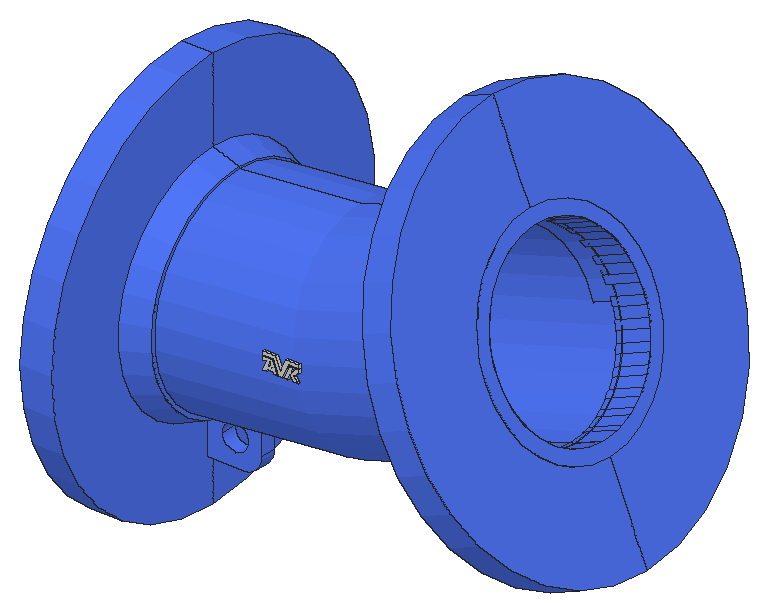
Revit family "712-0220-001-DN100", category Pipe Fittings, Revit 2019
Family settings
  Round Connector Dimension = Use Diameter
  Part Type = Elbow
  Work Plane-Based = No
  Always vertical = Yes
  Cut with Voids When Loaded = No
  Shared = No
Parameters (values of type "DN100_PN10/16")
  L = 110 mm
  ID(Radius) = [Nominal Diameter(DN)] / 2  # 50 mm
  Flange_thickness = 17 mm
  Nominal Diameter(DN) = 100 mm
  FOD = 110 mm
  URL product pages = "https://www.avkvalves.com/P.aspx?no=712004002201"
  Description_ = "AVK FLANGED BEND 22.5° W/LOOSE FLANGES"
  DN100_PN10/16 = yes
  DN 100_PN10/16 = "712-0100-02-201"
  Body_wallthickness = 15 mm + [Nominal Diameter(DN)]  # 115 mm
  A = 22.50°  # constant formula
Reference planes
  plane 1 "Center (Front/Back)": y = 0
  plane 2: z = 0
  plane 3 "Center (Left/Right)": x = 0
  plane 4: x = 110
  plane 5: through (100.752, -1524, 22.328) normal (0.9239, 0, 0.3827)
  plane 6: through (202.378, -1524, 64.423) normal (0.9239, 0, 0.3827)
  plane 7: through (110, -1524, 0) normal (-0.3827, 0, 0.9239)
  plane 8: z = -75
  plane 9: x = 37
  plane 10: z = -85
  plane 11: x = 47
Forms (mm)
  Sweep 1, solid, material "Plastic"
    path origin (0, 0, 0) x (1, 0, 0) y (0, 0, -1)
      loop
        line (0, 0) -> (20.489, 0)
        arc (20.489, 0) -> (108.28, -8.647) -> (192.697, -34.254) r 450
        line (192.697, -34.254) -> (211.627, -42.095)
    profile origin (10.245, 0, 0) x (0, 0, 1) y (0, -1, 0)
      loop
        circle (0, 0) r 50
      loop
        circle (0, 0) r 57.5
  Revolve 2, solid, material "Plastic"
    sketch origin (0, 0, 0) x (1, 0, 0) y (0, 0, -1)
      loop
        line (0, 50) -> (17, 50) -> (17, 110) -> (0, 110) -> (0, 50)
      axis (0, 0) -> (17, 0)
    angle from 0 to 360
  Revolve 3, solid, material "Plastic"
    sketch origin (0, 0, 0) x (1, 0, 0) y (0, 0, -1)
      loop
        line (230.761, 4.099) -> (253.722, 59.532) -> (238.016, 66.037) -> (215.055, 10.604) -> (230.761, 4.099)
      axis (195.921, -35.59) -> (211.627, -42.095)
    angle from 0 to 360
  Revolve 4, solid, material "Plastic"
    sketch origin (0, 0, 0) x (1, 0, 0) y (0, 0, -1)
      loop
        line (17, 50) -> (30.858, 50) -> (30.858, 59.26) -> (17, 65) -> (17, 50)
      axis (17, 0) -> (30.858, 0)
    angle from 0 to 360
  Revolve 5, solid, material "Plastic"
    sketch origin (0, 0, 0) x (1, 0, 0) y (0, 0, -1)
      loop
        line (215.055, 10.604) -> (220.795, 24.463) -> (205.795, 24.463) -> (202.252, 15.908) -> (215.055, 10.604)
      axis (183.117, -30.286) -> (195.921, -35.59)
    angle from 0 to 360
  Extrusion 6, solid, material "Plastic"
    sketch origin (0, 0, 0) x (1, 0, 0) y (0, 0, 1)
      loop
        line (17, -50) -> (17, -85) -> (37, -85)
        arc (37, -85) -> (44.071, -82.071) -> (47, -75) r 10
        line (47, -75) -> (47, -50) -> (17, -50)
      loop
        circle (32.729, -70.427) r 7.246
    from -3.988 to 3.988
Dimensions and locks
  "L": plane 4 to plane 3 "Center (Left/Right)"
  "L": plane 5 to plane 6
  "Flange_thickness": Revolve 2 sketch curve to Revolve 2 sketch curve
  "ID(Radius)": Revolve 3 sketch curve to plane 7
  "FOD": Revolve 3 sketch curve to plane 7
  "Flange_thickness": Sweep 1 to Revolve 3 sketch curve
  locked: Revolve 2 to Revolve 4 sketch curve at 13.858
  locked: Revolve 5 sketch curve to Revolve 3 at 13.858
  locked: Revolve 5 sketch curve to plane 7 at 50
  locked: Revolve 5 sketch curve to plane 7 at 65
  locked: Revolve 5 sketch curve to plane 7 at 59.26
  locked: level to Extrusion 6 sketch curve at 50
  equal spacing: Extrusion 6, plane 1 "Center (Front/Back)", Extrusion 6
  locked: Extrusion 6 to Extrusion 6 at 7.976
  "ID(Radius)": radius of Sweep 1 sketch curve
  "Body_wallthickness": diameter of Sweep 1 sketch curve
  "A": angle plane 4 to plane 5
  aligned and locked: level to plane 2
  aligned and locked: Sweep 1 sketch curve to plane 3 "Center (Left/Right)"
  aligned and locked: plane 6 to Sweep 1 sketch curve
  aligned and locked: Revolve 2 sketch curve to Sweep 1  (x2)
  aligned and locked: plane 7 to Revolve 3 sketch curve
  aligned and locked: Revolve 4 sketch curve to Revolve 2  (x2)
  aligned and locked: Revolve 5 sketch curve to Revolve 3
  aligned and locked: plane 7 to Revolve 5 sketch curve
  aligned and locked: Revolve 2 to Extrusion 6 sketch curve
  aligned and locked: plane 8 to Extrusion 6 sketch curve
  aligned and locked: plane 11 to Extrusion 6 sketch curve
  aligned and locked: plane 10 to Extrusion 6 sketch curve
  aligned and locked: plane 9 to Extrusion 6 sketch curve
Automatic sketch dimensions
  Sweep 1 sketch curve to plane 7 = 0 mm  (x2)
  Sweep 1 sketch curve to plane 3 "Center (Left/Right)" = 20.489 mm
  Sweep 1 sketch curve to Sweep 1 sketch curve = 18.93 mm
  Sweep 1 sketch curve to Sweep 1 sketch curve = 415.746 mm
  Revolve 4 sketch curve to Revolve 4 sketch curve = 9.26 mm
  Revolve 4 sketch curve to Revolve 4 sketch curve = 15 mm
  Revolve 4 sketch curve to plane 3 "Center (Left/Right)" = 35 mm
  Revolve 4 sketch curve to Revolve 4 sketch curve = 50 mm
  Revolve 5 sketch curve to plane 6 = 0 mm
  Revolve 5 sketch curve to Revolve 5 sketch curve = 20.325 mm
  Revolve 4 sketch curve to level = 0 mm
  Extrusion 6 sketch curve to Extrusion 6 sketch curve = 4.271 mm
  Extrusion 6 sketch curve to Extrusion 6 sketch curve = 4.573 mm
  Sweep 1 sketch curve to Sweep 1 sketch curve = 0 mm  (x2)
  Sweep 1 sketch curve to plane 1 "Center (Front/Back)" = 0 mm
  profile plane to Sweep 1 sketch curve = 0 mm
  Revolve 2 sketch curve to level = 0 mm
  level to Revolve 2 sketch curve = 50 mm
  Revolve 2 sketch curve to Revolve 2 sketch curve = 60 mm
  Revolve 2 sketch curve to plane 3 "Center (Left/Right)" = 20 mm
  Revolve 3 sketch curve to plane 6 = 0 mm
  plane 6 to Revolve 3 sketch curve = 0 mm
  Revolve 3 sketch curve to level = 35.59 mm
  radius of Extrusion 6 sketch curve = 7.246 mm
Nested families
  nested 1: "Latest New" at (100.981, -57.5, 7.157) x (1, 0.0003, 0) z (0.0003, -1, -0.0017), type "Latest New"
Connectors
  piping at (0, 0, 0), diameter 100, driven by "Nominal Diameter(DN)"
    settings: on Revolve 2, index 1, connector inside diameter 609.6 mm, connector length 0 mm, flow factor 0, pipe flow 0.0 L/s, pressure drop 0.0 Pa, fitting loss kfactor 0, connector angle 0.00°, fixture units 0, engagement length 0 mm, angle of deflection 0.00°, flow configuration 0, flow direction 0, fitting loss method 0, system type 7, joint type 0, gender type 0, connector reference index -1, connector utility 0, adjustable connector no, is connector primary yes, connector description ""
  piping at (211.627, 0, 42.095), diameter 100, driven by "Nominal Diameter(DN)"
    settings: on Revolve 3, index 2, connector inside diameter 609.6 mm, connector length 0 mm, flow factor 0, pipe flow 0.0 L/s, pressure drop 0.0 Pa, fitting loss kfactor 0, connector angle 0.00°, fixture units 0, engagement length 0 mm, angle of deflection 0.00°, flow configuration 0, flow direction 0, fitting loss method 0, system type 7, joint type 0, gender type 0, connector reference index -1, connector utility 0, adjustable connector no, is connector primary no, connector description ""
Definition of nested family "Latest New"
  Parameters
    Default Elevation = 1219.2 mm
  Reference planes
    plane 1 "Center (Front/Back)": y = 0
    plane 2: z = 0
    plane 3 "Center (Left/Right)": x = 0
  Forms (mm)
    Extrusion 1, solid
      sketch origin (0, 0, 0) x (1, 0, 0) y (0, 1, 0)
        loop
          line (-1219.2, 1219.2) -> (-1219.2, -1219.2) -> (1219.2, -1219.2) -> (1219.2, 1219.2) -> (-1219.2, 1219.2)
      from 0 to -304.8
    Extrusion 2, solid
      sketch origin (0, 0, 0) x (1, 0, 0) y (0, 1, 0)
        loop
          line (-2.683, 9.413) -> (-9.884, 9.413) -> (-9.884, 7.46) -> (-4.022, 7.46) -> (-0.985, 0) -> (0.985, 0) -> (4.022, 7.46) -> (9.884, 7.46) -> (9.884, 9.413) -> (2.683, 9.413) -> (0, 2.824) -> (-2.683, 9.413)
        loop
          line (-4.528, 6.707) -> (-9.884, 6.707) -> (-9.884, 4.824) -> (-8.032, 4.824) -> (-9.884, 0) -> (-7.792, 0) -> (-7.394, 1.035) -> (-4.328, 1.035) -> (-3.907, 0) -> (-1.798, 0) -> (-4.528, 6.707)
        loop
          line (-6.91, 2.824) -> (-5.056, 2.824) -> (-6.01, 5.167) -> (-6.91, 2.824)
        loop
          line (1.798, 0) -> (3.907, 0) -> (4.98, 2.637) -> (6.968, 0) -> (9.413, 0) -> (7.166, 2.983)
          arc (7.166, 2.983) -> (8.216, 3.774) -> (9.007, 4.824) r 4.724
          line (9.007, 4.824) -> (9.884, 4.824) -> (9.884, 6.707) -> (8.001, 6.707)
          arc (8.001, 6.707) -> (7.315, 5.008) -> (5.642, 4.261) r 2.448
          line (5.642, 4.261) -> (6.637, 6.707) -> (4.528, 6.707) -> (1.798, 0)
      from 0 to 1
  Dimensions and locks
    aligned and locked: plane 2 to Extrusion 1
    aligned and locked: level to Extrusion 1
    aligned and locked: Extrusion 2 sketch curve to import instance  (x30)
